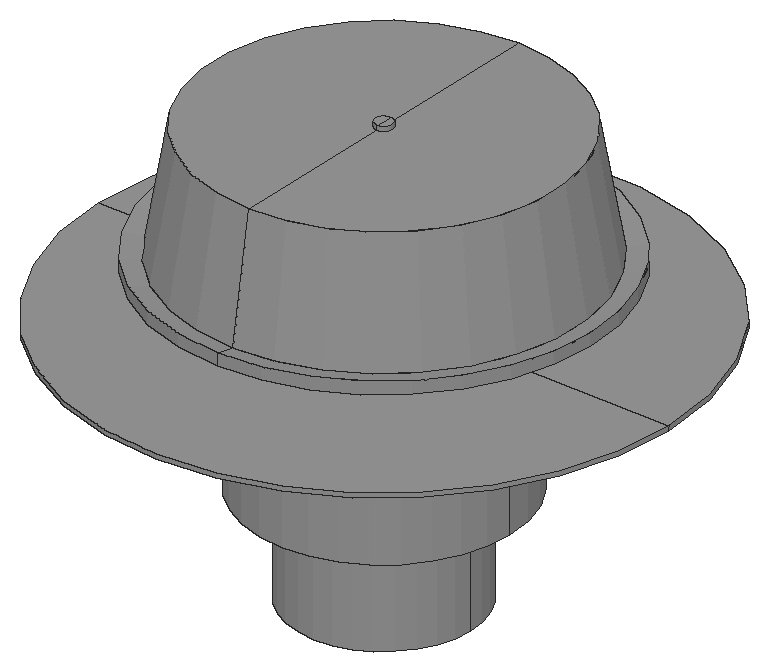
Revit family "HL_RU_Roof drain_HL62FSafe-B-221103", category Instalační zařizovací předměty, Revit 2021
Family settings
  Kóta kulaté spojky = Použít průměr
  Typ dílu = Normální
  Číslo OmniClass = 23.70.50.21.24.14
  Nadpis OmniClass = Deck Waste Water Drains
  Založené na pracovní rovině = Ne
  Vždy vertikální = Ano
  Ořezat dutým tvarem při načtení = Ne
  Sdílené = Ne
  Bod výpočtu místnosti = Ano
Parameters (values of type "HL_Кровельная воронка_HL62FSafe_1")
  РЕШЁТКА = "Laubfangkorb d 262 mm"
  РАЗМЕР = "DN110"
  ПРОПУСКНАЯ СПОСОБНОСТЬ [instance] = 0.0 L/s
  ПРОИЗВОДИТЕЛЬНОСТЬ = "l/s"
  ПРАВОВАЯ ИНФОРМАЦИЯ = "Авторские права(©), права на дизайн или какие либо другие права интелектуальной собственности являются исключительной собственностью компании HL Hutterer & Lechner. Изменению не подлежит. Файл семейства с данными о прозводителе изделия защищен паролем с водяным знаком."
  НОМИНАЛЬНЫЙ ДИАМЕТР = 110 mm
  МАТЕРИАЛ = "PP"
  ВЫСОТА МОНТАЖА = "100mm"
  ВЕС = "3,274 [kg]"
  Výchozí výška = 0 mm
  Výrobce = "HL Hutterer & Lechner GmbH"  # constant formula
  URL = "http://www.hutterer-lechner.com/ru/products/catalog/roof-drains/HL62FSafe/1.aspx"
  Материал плитка [instance] = none
  Přípoj ventilace = no
  Přípoj odpadních dílů = yes
  Přípoj HW = no
  Přípoj CW = no
  Popis = "Кровельные воронки"
  Model = "HL62FSafe_1"
  Assembly Code = " "
  Komentáře k typům = "HL62FSafe/1, Воронка для аварийного водостока DN110 с корпусом из ПП, с возможностью регулировки толщины слоя воды"
  Keynote = "HL62FSafe_1"
  EAN = "9003076040759"
  Bысота монтажа [instance] = 28 mm  # constant formula
  G [instance] = 180.00°  # constant formula
  D [instance] = if(НОМИНАЛЬНЫЙ ДИАМЕТР = 75 mm, 116.6 mm, if(НОМИНАЛЬНЫЙ ДИАМЕТР = 125 mm, 67 mm, 60 mm)) + Bысота монтажа  # 88 mm
  C [instance] = if(Bысота монтажа - 68 mm < 0 mm, 0 mm, Bысота монтажа - 68 mm)  # 0 mm
  B [instance] = 100 mm  # constant formula
  A [instance] = if(B - 100 mm > 15 mm, B - 100 mm, 15 mm)  # 15 mm
Types (4, lengths in mm): name | РАЗМЕР | НОМИНАЛЬНЫЙ ДИАМЕТР | ВЕС | URL | Model | Komentáře k typům | Keynote | EAN | D
  (no name) | "DN75" | 75 | "2,974 [kg]" | "http://www.hutterer-lechner.com/ru/products/catalog/roof-drains/HL62FSafe/7.aspx" | "HL62FSafe_7" | "HL62FSafe/7, Воронка для аварийного водостока DN75 с корпусом из ПП, с возможностью регулировки толщины слоя воды" | "HL62FSafe_7" | "9003076040742" | 144.6
  HL_Кровельная воронка_HL62FSafe_1 | "DN110" | 110 | "3,274 [kg]" | "http://www.hutterer-lechner.com/ru/products/catalog/roof-drains/HL62FSafe/1.aspx" | "HL62FSafe_1" | "HL62FSafe/1, Воронка для аварийного водостока DN110 с корпусом из ПП, с возможностью регулировки толщины слоя воды" | "HL62FSafe_1" | "9003076040759" | 88
  HL_Кровельная воронка_HL62FSafe_2 | "DN125" | 125 | "3,514 [kg]" | "http://www.hutterer-lechner.com/ru/products/catalog/roof-drains/HL62FSafe/2.aspx" | "HL62FSafe_2" | "HL62FSafe/2, Воронка для аварийного водостока DN125 с корпусом из ПП, с возможностью регулировки толщины слоя воды" | "HL62FSafe_2" | "9003076040766" | 95
  HL_Кровельная воронка_HL62FSafe_7 | "DN75" | 75 | "2,974 [kg]" | "http://www.hutterer-lechner.com/ru/products/catalog/roof-drains/HL62FSafe/7.aspx" | "HL62FSafe_7" | "HL62FSafe/7, Воронка для аварийного водостока DN75 с корпусом из ПП, с возможностью регулировки толщины слоя воды" | "HL62FSafe_7" | "9003076040742" | 144.6
Reference planes
  plane 1 "Center (Front/Back)": y = 0
  plane 2: z = 0
  plane 3 "Center (Left/Right)": x = 0
  plane 4: z = -100
  plane 5: z = -28
Lines and regions (mm)
  model lines, style "InvisibleLines"
    curve 1: line (0, 0, 0) -> (0, 0, 20)
  model lines, style "PlumbingFixtures", detail levels coarse+medium
    curve 2: line (0, 0, -100) -> (0, 0, -85)
    curve 3: line (0, 0, -85) -> (-85, 0, 0)
    curve 4: line (0, 0, -85) -> (85, 0, 0)
    curve 6: line (0, 0, -100) -> (0, 0, -188)
  reference lines, not visible
    curve 5: line (0, 0, -100) -> (0, 0, -188)
  symbolic lines, style "PlumbingFixtures", detail levels coarse+medium
    curve 7: line (-75, 75, 0) -> (75, 75, 0)
    curve 8: line (-75, -75, 0) -> (-75, 75, 0)
    curve 9: line (75, -75, 0) -> (-75, -75, 0)
    curve 10: line (75, 75, 0) -> (75, -75, 0)
    curve 11: line (-75, 75, 0) -> (-145.711, 145.711, 0)
    curve 12: line (75, 75, 0) -> (145.711, 145.711, 0)
    curve 13: line (-75, -75, 0) -> (-145.711, -145.711, 0)
    curve 14: line (75, -75, 0) -> (145.711, -145.711, 0)
  symbolic lines, style "PlumbingFixtures", not visible, detail levels coarse+medium
    curve 15: line (-75, 75, 0) -> (75, 75, 0)
    curve 16: line (-75, -75, 0) -> (-75, 75, 0)
    curve 17: line (75, -75, 0) -> (-75, -75, 0)
    curve 18: line (75, 75, 0) -> (75, -75, 0)
    curve 19: line (-75, 75, 0) -> (-145.711, 145.711, 0)
    curve 20: line (75, 75, 0) -> (145.711, 145.711, 0)
    curve 21: line (-75, -75, 0) -> (-145.711, -145.711, 0)
    curve 22: line (75, -75, 0) -> (145.711, -145.711, 0)
Text (mm)
  text "FLOOR" at (-162.344, 0, -10.979), in view "Drain Construction View"
Dimensions and locks
  "B": plane 2 to plane 4
  "Bысота монтажа": plane 2 to plane 5
  "A": curve 4 to plane 4
  "D": curve 5 to curve 5
  "D": curve 6 to curve 6
  locked: curve 4 to plane 3 "Center (Left/Right)" (angle 45.00°)
  locked: plane 3 "Center (Left/Right)" to curve 3 (angle 45.00°)
  "G": angle curve 5 to plane 3 "Center (Left/Right)"
  aligned and locked: level to plane 2
  aligned and locked: plane 2 to curve 4
  aligned and locked: plane 2 to curve 3
  aligned and locked: plane 4 to curve 5
  aligned and locked: plane 3 "Center (Left/Right)" to curve 5
  aligned and locked: plane 4 to curve 2
  aligned and locked: curve 6 to plane 3 "Center (Left/Right)"
  aligned and locked: curve 6 to plane 4
  aligned and locked: nested 1 to plane 5
  aligned and locked: plane 3 "Center (Left/Right)" to nested 1
  aligned and locked: nested 2 to plane 2
  aligned and locked: plane 3 "Center (Left/Right)" to nested 2
Automatic sketch dimensions
  curve 2 to plane 3 "Center (Left/Right)" = 0 mm
  curve 1 to plane 3 "Center (Left/Right)" = 0 mm
  curve 1 to level = 0 mm
  level to curve 1 = 20 mm
Nested families
  nested 1: "HL_кровельные воронки - корпус_HL62F" at (0, 0, -28), НОМИНАЛЬНЫЙ ДИАМЕТР <- "НОМИНАЛЬНЫЙ ДИАМЕТР", type "HL_кровельные воронки - корпус_HL62F"
    with НОМИНАЛЬНЫЙ ДИАМЕТР 110 mm, L 63 mm
  nested 2: "HL_Вспомогательные материалы-Противопожарная защита_HL062.1Safe" at (0, 0, 0), Bысота монтажа <- "Bысота монтажа", type "HL_Вспомогательные материалы-Противопожарная защита_HL062.1Safe"
    with Пропускная способность 0.0 L/s, L 58 mm, IHmin 28 mm, IHmax 68 mm, Bысота монтажа 28 mm
Connectors
  piping at (0, 0, -188), diameter 110, driven by "ПРОПУСКНАЯ СПОСОБНОСТЬ", driven by "НОМИНАЛЬНЫЙ ДИАМЕТР"
    settings: on curve 5, index 1, connector inside diameter 609.6 mm, connector length 0 mm, flow factor 0, pipe flow 0.0 L/s, pressure drop 0.0 Pa, fitting loss kfactor 0, connector angle 0.00°, fixture units 0, engagement length 0 mm, angle of deflection 0.00°, flow configuration 1, flow direction 2, fitting loss method 0, system type 16, joint type 0, gender type 0, connector reference index -1, connector utility 0, adjustable connector yes, is connector primary yes, connector description ""
Definition of nested family "HL_кровельные воронки - корпус_HL62F"
  Parameters (values of type "HL_кровельные воронки - корпус_HL62F")
    НОМИНАЛЬНЫЙ ДИАМЕТР [instance] = 110 mm
    Default Elevation = 0 mm
    Manufacturer = ""
    URL = ""
    Description = ""
    Model = ""
    L [instance] = if(НОМИНАЛЬНЫЙ ДИАМЕТР = 75 mm, 119.5 mm, if(НОМИНАЛЬНЫЙ ДИАМЕТР = 110 mm, 63 mm, if(НОМИНАЛЬНЫЙ ДИАМЕТР = 125 mm, 70 mm, 0 mm)))  # 63 mm
    Type Comments = ""
    Cost = 0
  Reference planes
    plane 1 "Střed (vpředu/vzadu)": y = 0
    plane 2: z = 0
    plane 3 "Střed (vlevo/vpravo)": x = 0
    plane 4: z = -97
  Forms (mm)
    Revolve 1, solid, detail levels fine
      sketch origin (0, 0, 0) x (1, 0, 0) y (0, 0, 1)
        loop
          line (-180, -3) -> (-81.687, -3) -> (-81.687, -17.808) -> (-79.882, -20.934) -> (-79.882, -97) -> (0, -97) -> (0, -37.3) -> (-64.783, -37.3) -> (-65.765, -29.3) -> (-74.763, -29.3) -> (-74.763, -23.875) -> (-78.907, -16.698) -> (-78.907, 0) -> (-180, 0) -> (-180, -3)
        axis (0, 0) -> (0, -97)
      angle from 0 to 360
    Extrusion 2, solid, detail levels fine
      sketch origin (-79.882, -1524, -97) x (-1, 0, 0) y (0, -1, 0)
        loop
          circle (-79.882, -1524) r 55
      from 0 to -63
  Cuts and joins
    joined: Revolve 1, Extrusion 2
  Dimensions and locks
    "L": plane 4 to cut or joined group of Revolve 1, Extrusion 2
    "НОМИНАЛЬНЫЙ ДИАМЕТР": diameter of Extrusion 2 sketch curve
    aligned and locked: level to plane 2
  Automatic sketch dimensions
    Revolve 1 sketch curve to level = 0 mm
    Revolve 1 sketch curve to plane 3 "Střed (vlevo/vpravo)" = 0 mm  (x2)
    Revolve 1 sketch curve to plane 3 "Střed (vlevo/vpravo)" = 64.783 mm
    Revolve 1 sketch curve to level = 29.3 mm
    Revolve 1 sketch curve to Revolve 1 sketch curve = 0.982 mm
    Revolve 1 sketch curve to Revolve 1 sketch curve = 8.998 mm
    Revolve 1 sketch curve to level = 16.698 mm
    Revolve 1 sketch curve to Revolve 1 sketch curve = 4.143 mm
    Revolve 1 sketch curve to Revolve 1 sketch curve = 15.099 mm
    Revolve 1 sketch curve to Revolve 1 sketch curve = 2.78 mm
    Revolve 1 sketch curve to level = 3 mm
    Revolve 1 sketch curve to Revolve 1 sketch curve = 98.313 mm
    Revolve 1 sketch curve to Revolve 1 sketch curve = 8 mm
    Revolve 1 sketch curve to Revolve 1 sketch curve = 59.7 mm
    Revolve 1 sketch curve to Revolve 1 sketch curve = 5.425 mm
    Revolve 1 sketch curve to Revolve 1 sketch curve = 4.236 mm
    Revolve 1 sketch curve to Revolve 1 sketch curve = 1.11 mm
    Revolve 1 sketch curve to Revolve 1 sketch curve = 203 mm
    level to Revolve 1 sketch curve = 295.621 mm
    plane 1 "Střed (vpředu/vzadu)" to Extrusion 2 sketch curve = 0 mm
    Extrusion 2 sketch curve to plane 3 "Střed (vlevo/vpravo)" = 0 mm
Definition of nested family "HL_Вспомогательные материалы-Противопожарная защита_HL062.1Safe"
  Parameters (values of type "HL_Вспомогательные материалы-Противопожарная защита_HL062.1Safe")
    РЕШЁТКА = "Laubfangkorb d 262 mm"
    ПРАВОВАЯ ИНФОРМАЦИЯ = "Авторские права(©), права на дизайн или какие либо другие права интелектуальной собственности являются исключительной собственностью компании HL Hutterer & Lechner. Изменению не подлежит. Файл семейства с данными о прозводителе изделия защищен паролем с водяным знаком."
    МАТЕРИАЛ = "PP"
    ВЕС = "1,25 [kg]"
    Default Elevation = 0 mm
    Manufacturer = "HL Hutterer & Lechner GmbH"
    URL = "http://www.hutterer-lechner.com/ru/products/catalog/roof-drains/HL062.1Safe.aspx"
    Материал плитка = none
    Description = "Кровельные воронки"
    Model = "HL062.1Safe"
    L [instance] = if(Bысота монтажа < IHmin, -100 mm, if(Bысота монтажа > IHmax, -100 mm, Bысота монтажа + 30 mm))  # 58 mm
    Type Comments = "HL062.1Safe, Вставка в воронку для аварийного водоотведения"
    Keynote = "HL062.1Safe"
    Bысота монтажа [instance] = 28 mm
    IHmin [instance] = 28 mm
    IHmax [instance] = 68 mm
    Пропускная способность [instance] = 0.0 L/s
    EAN = "9003076040605"
    Cost = 0
  Reference planes
    plane 1 "Střed (vpředu/vzadu)": y = 0
    plane 2: z = 0
    plane 3 "Střed (vlevo/vpravo)": x = 0
  Forms (mm)
    Revolve 1, solid, detail levels fine
      sketch origin (0, 0, 0) x (0, 1, 0) y (0, 0, 1)
        loop
          line (0, 81.1) -> (-5.25, 81.1) -> (-5.25, 78.5) -> (-106.614, 78.5) -> (-119.486, 5.5) -> (-101.611, 5.5) -> (-90.568, 68.124) -> (0, 68.124) -> (0, 81.1)
        axis (0, 81.1) -> (0, 5.5)
      angle from 0 to 360
    Extrusion 2, solid, detail levels fine
      sketch origin (0, 0, 68.124) x (-1, 0, 0) y (0, 1, 0)
        loop
          circle (-50, 0) r 11.945
      from 0 to 82.224
    Extrusion 3, solid, detail levels fine
      sketch origin (-100, 0, 68.124) x (-1, 0, 0) y (0, 1, 0)
        loop
          circle (-50, 0) r 11.945
      from 0 to 82.224
    Revolve 4, solid, detail levels fine
      sketch origin (0, 0, 0) x (0, 1, 0) y (0, 0, 1)
        loop
          line (-130.983, 7.735) -> (-130.983, 0) -> (-69.061, 0) -> (-64.445, -4.616) -> (-64.445, -65.123) -> (-63.068, -66.5) -> (-58.068, -66.5) -> (-58.068, -4.58) -> (-68.148, 5.5) -> (-119.486, 5.5) -> (-130.983, 7.735)
        axis (0, 7.735) -> (0, -66.5)
      angle from 0 to 360
    Revolve 5, solid, detail levels fine
      sketch origin (0, 69.895, -58) x (0, -1, 0) y (0, 0, -1)
        loop
          line (149.29, -29.5) -> (149.29, -9.5) -> (139.79, 0) -> (134.34, 0) -> (134.34, -44) -> (138.069, -44) -> (138.069, -29.5) -> (149.29, -29.5)
        axis (69.895, -44) -> (69.895, 0)
      angle from 0 to 360
  Lines and regions (mm)
    reference lines
      curve 1: line (0, 69.895, -58) -> (0, -190.105, -58)
  Dimensions and locks
    "L": curve 1 to plane 2
    aligned and locked: level to plane 2
  Automatic sketch dimensions
    Revolve 1 sketch curve to plane 1 "Střed (vpředu/vzadu)" = 0 mm  (x2)
    plane 1 "Střed (vpředu/vzadu)" to Revolve 1 sketch curve = 5.25 mm
    Revolve 1 sketch curve to Revolve 1 sketch curve = 85.318 mm
    level to Revolve 1 sketch curve = 5.5 mm
    Revolve 1 sketch curve to Revolve 1 sketch curve = 11.042 mm
    Revolve 1 sketch curve to Revolve 1 sketch curve = 16.046 mm
    Revolve 1 sketch curve to Revolve 1 sketch curve = 17.876 mm
    Revolve 1 sketch curve to Revolve 1 sketch curve = 62.624 mm
    Revolve 1 sketch curve to Revolve 1 sketch curve = 10.376 mm
    Revolve 1 sketch curve to Revolve 1 sketch curve = 2.6 mm
    Revolve 1 sketch curve to Revolve 1 sketch curve = 40 mm
    Revolve 1 sketch curve to Revolve 1 sketch curve = 25 mm
    Extrusion 2 sketch curve to Revolve 1 = 50 mm
    Revolve 1 to Extrusion 3 sketch curve = 50 mm
    level to Revolve 4 sketch curve = 0 mm
    Revolve 4 sketch curve to plane 1 "Střed (vpředu/vzadu)" = 0 mm
    plane 1 "Střed (vpředu/vzadu)" to Revolve 4 sketch curve = 58.068 mm
    Revolve 4 sketch curve to Revolve 4 sketch curve = 5 mm
    Revolve 4 sketch curve to Revolve 4 sketch curve = 1.377 mm  (x2)
    Revolve 4 sketch curve to Revolve 4 sketch curve = 3.703 mm
    Revolve 4 sketch curve to Revolve 4 sketch curve = 0.913 mm
    level to Revolve 4 sketch curve = 5.5 mm
    Revolve 4 sketch curve to Revolve 4 sketch curve = 50.425 mm
    Revolve 4 sketch curve to Revolve 4 sketch curve = 11.497 mm
    Revolve 4 sketch curve to level = 4.58 mm
    Revolve 4 sketch curve to level = 4.616 mm
    Revolve 4 sketch curve to Revolve 4 sketch curve = 60.507 mm
    level to Revolve 4 sketch curve = 7.735 mm
    Revolve 4 sketch curve to Revolve 4 sketch curve = 10 mm
    Revolve 4 sketch curve to Revolve 4 sketch curve = 35 mm
    Revolve 5 sketch curve to curve 1 = 0 mm
    curve 1 to Revolve 5 sketch curve = 44 mm
    Revolve 5 sketch curve to curve 1 = 125.66 mm
    Revolve 5 sketch curve to Revolve 5 sketch curve = 3.729 mm
    Revolve 5 sketch curve to Revolve 5 sketch curve = 5.45 mm
    Revolve 5 sketch curve to Revolve 5 sketch curve = 11.221 mm
    Revolve 5 sketch curve to Revolve 5 sketch curve = 14.5 mm
    curve 1 to Revolve 5 sketch curve = 9.5 mm
    curve 1 to Revolve 5 sketch curve = 69.895 mm
    Revolve 5 sketch curve to curve 1 = 15 mm
    Revolve 5 sketch curve to Revolve 5 sketch curve = 40 mm
    plane 1 "Střed (vpředu/vzadu)" to curve 1 = 190.105 mm
    curve 1 to plane 1 "Střed (vpředu/vzadu)" = 69.895 mm
    radius of Extrusion 2 sketch curve = 11.945 mm
    radius of Extrusion 3 sketch curve = 11.945 mm
